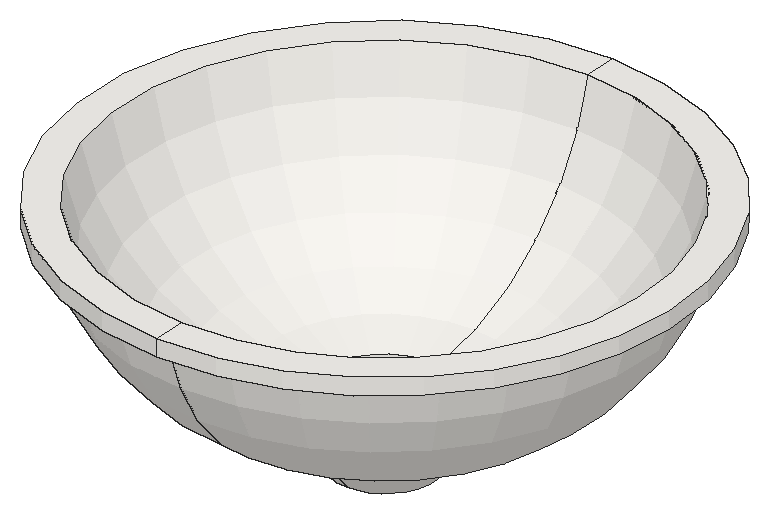
Revit family "Lav-Corian-European-Purity-7220", category Plumbing Fixtures, host Face, Revit 2015
Parameters (values of type "7220")
  Width = 450 mm
  WFU = 0
  Version = "2015 - v1.0a"  # constant formula
  URL = "http://www.corian.uk/-the-complete-residential-surfaces-solutions-"
  Sink Colors Available = "Designer White, Glacier White"
  Product Page URL = "http://www.corian.uk/-bathroom-basins-"
  Model = "Purity 7220"  # constant formula
  Manufacturer = "DuPont"  # constant formula
  Length = 450 mm
  Interior Width = 400 mm
  Interior Length = 400 mm
  Interior Depth = 140 mm
  HWFU = 0
  Finish = Solid Surface Sink - DuPont - Glacier White
  Description = "Bathroom Basin Europe Specification"  # constant formula
  Depth = 187 mm
  Default Elevation = 1219.2 mm
  Cost = 0
  CWFU = 0
Reference planes
  plane 1 "Center (Front/Back)": y = 0
  plane 2: z = 0
  plane 3 "Center (Left/Right)": x = 0
  plane 4: y = 225
  plane 5: y = -225
  plane 6: x = -225
  plane 7: x = 225
  plane 8: z = -152
  plane 9: x = -200
  plane 10: x = 200
  plane 11: y = 200
  plane 12: y = -200
  plane 13 "NAME": z = -12
  plane 14: z = -199
Forms (mm)
  Extrusion 1, void
    sketch origin (0, 0, 0) x (1, 0, 0) y (0, 1, 0)
      loop
        circle (0, 0) r 200
    from -199 to 0
  Revolve 2, solid, material "Solid Surface Sink - DuPont - Glacier White" <- "Finish"
    sketch origin (0, 0, 0) x (0, 1, 0) y (0, 0, 1)
      loop
        line (225, -12) -> (200, -12)
        arc (200, -12) -> (149.542, -105.663) -> (53.773, -152) r 172.753
        line (53.773, -152) -> (52.584, -165.586) -> (27.836, -190.335) -> (27.836, -199) -> (37.836, -199) -> (68.95, -161.919)
        arc (68.95, -161.919) -> (161.134, -114.825) -> (212.571, -24.993) r 181.468
        line (212.571, -24.993) -> (225, -24.993) -> (225, -12)
      axis (0, -12) -> (0, -199)
    angle from 0 to 360
Lines and regions (mm)
  Masking region 1, detail levels medium+fine
    outline origin (177.935, -4572, -12) x (-1, 0, 0) y (0, -1, 0)
      loop
        circle (177.935, -4572) r 45
  Masking region 2, detail levels medium+fine
    outline origin (500, 0, 0) x (1, 0, 0) y (0, 1, 0)
      loop
        circle (-500, 0) r 45
  Masking region 3, detail levels fine
    outline origin (500, 0, 0) x (1, 0, 0) y (0, 1, 0)
      loop
        circle (-500, 0) r 200
  Masking region 4, detail levels fine
    outline origin (-322.065, -4572, -12) x (-1, 0, 0) y (0, -1, 0)
      loop
        circle (-322.065, -4572) r 74.975
Dimensions and locks
  equal spacing: plane 4, plane 1 "Center (Front/Back)", plane 5
  equal spacing: plane 6, plane 3 "Center (Left/Right)", plane 7
  "Length": plane 4 to plane 5
  "Width": plane 6 to plane 7
  equal spacing: plane 9, plane 3 "Center (Left/Right)", plane 10
  equal spacing: plane 11, plane 1 "Center (Front/Back)", plane 12
  "Interior Width": plane 9 to plane 10
  "Interior Length": plane 11 to plane 12
  locked: plane 2 to plane 13 "NAME" at 12
  "Interior Depth": plane 13 "NAME" to plane 8
  "Depth": plane 13 "NAME" to plane 14
  plane 4 to Revolve 2 sketch curve to Revolve 2 sketch curve = 12.429 mm locked, 12.571 mm locked
  locked: plane 13 "NAME" to Revolve 2 sketch curve at 12.993
  Revolve 2 sketch curve to Revolve 2 sketch curve to Revolve 2 sketch curve to Revolve 2 sketch curve to Revolve 2 sketch curve to plane 1 "Center (Front/Back)" = 15.177 mm locked, 1.189 mm locked, 14.749 mm locked, 10 mm locked, 27.836 mm locked
  locked: Revolve 2 sketch curve to plane 14 at 8.665
  plane 8 to Revolve 2 sketch curve to Revolve 2 sketch curve to Revolve 2 sketch curve = 0 mm locked, 9.919 mm, 3.667 mm
  "Interior Width": diameter of Extrusion 1 sketch curve
  "Interior Width": diameter of Masking region 3 sketch curve
  aligned and locked: plane 2 to host face
  aligned and locked: level to host face
  aligned and locked: level to Extrusion 1
  aligned and locked: Extrusion 1 to plane 14
  aligned and locked: plane 3 "Center (Left/Right)" to Masking region 1 sketch curve
  aligned and locked: Revolve 2 sketch curve to plane 1 "Center (Front/Back)"
  aligned and locked: plane 13 "NAME" to Revolve 2 sketch curve
  aligned and locked: plane 14 to Revolve 2 sketch curve  (x2)
  aligned and locked: plane 3 "Center (Left/Right)" to Extrusion 1 sketch curve
  aligned and locked: plane 1 "Center (Front/Back)" to Extrusion 1 sketch curve
  aligned and locked: plane 3 "Center (Left/Right)" to Masking region 2 sketch curve
  aligned and locked: plane 1 "Center (Front/Back)" to Masking region 2 sketch curve
  aligned and locked: plane 3 "Center (Left/Right)" to Masking region 3 sketch curve
  aligned and locked: plane 1 "Center (Front/Back)" to Masking region 3 sketch curve
  aligned and locked: plane 1 "Center (Front/Back)" to Masking region 1 sketch curve
  aligned and locked: Revolve 2 sketch curve to plane 13 "NAME"
  aligned and locked: plane 4 to Revolve 2 sketch curve
  aligned and locked: plane 3 "Center (Left/Right)" to Masking region 4 sketch curve
  aligned and locked: plane 1 "Center (Front/Back)" to Masking region 4 sketch curve
Automatic sketch dimensions
  host sketch curve to host sketch curve = 2438.4 mm  (x2)
  Masking region 1 sketch curve to plane 1 "Center (Front/Back)" = 45 mm
  level to Revolve 2 sketch curve = 19.12 mm
  Revolve 2 sketch curve to Revolve 2 sketch curve = 5.841 mm
  radius of Masking region 2 sketch curve = 45 mm
  radius of Masking region 4 sketch curve = 74.975 mm
Connectors
  piping at (0, 0, -199), diameter 90
    settings: on Revolve 2, index 1, connector inside diameter 24", connector length 0 mm, flow factor 0, pipe flow 0 GPM, pressure drop 0.00 psi, fitting loss kfactor 0, connector angle 0.00°, fixture units 0, engagement length 0 mm, angle of deflection 0.00°, flow configuration 0, flow direction 2, fitting loss method 0, system type 16, joint type 0, gender type 0, connector reference index -1, connector utility 0, adjustable connector no, is connector primary yes, connector description "Drain"
